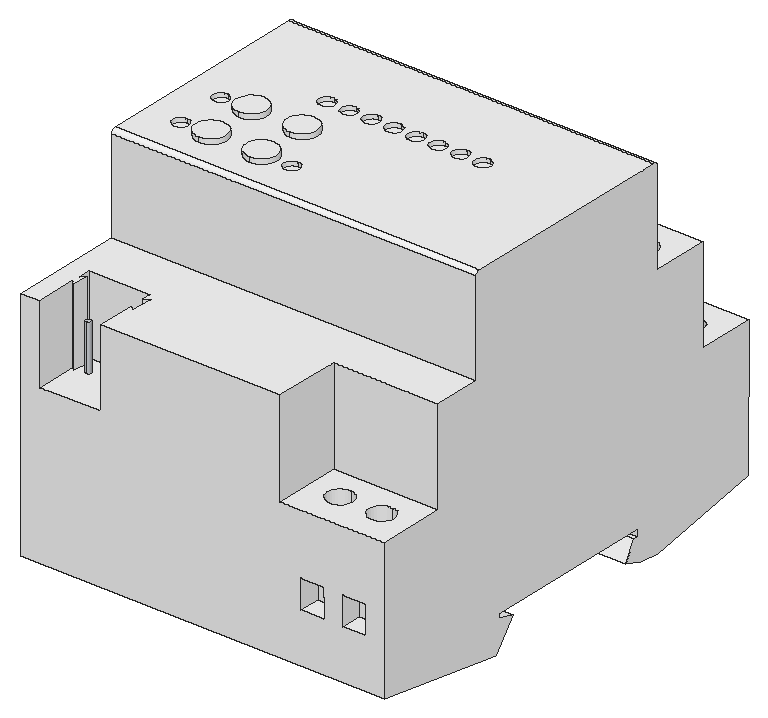
Revit family "Gira_212000", category Electrical Fixtures, host Face, Revit 2017
Family settings
  Host = Face
  Maintain Annotation Orientation = No
  Round Connector Dimension = Use Diameter
  Part Type = Normal
  Cut with Voids When Loaded = No
  Shared = No
  Room Calculation Point = No
Parameters (values of type "Pow.supply 160 mA choke KNX DRA")
  With switch function = no
  Ventilschutzfunktion = no
  URL = "https://www.gira.de/"
  Type Comments = ""
  Suitable for C-load = no
  Rated current [Ampere] = 0
  Output voltage [Volt] = ""
  Output current [Ampere] = ""
  Number of outputs = 0
  Number of inputs = 0
  Number of binary inputs = 0
  Model = ""
  Max. number of venetian-blind outputs = 0
  Max. number of switching contacts = 0
  Manufacturer = "Gira"
  Handschaltung = no
  Local operation/hand operation = no
  Keynote = ""
  HeinzeBIM = "https://www.heinze.de/bim/pow-supply-160-ma-choke-knx-dra/f22732c19fceb7285109560b0cfdd15072a671c7"
  HAN = "212000"
  GTIN = "4010337023210"
  Description = "PS 160mA choke DRA KNX KNX power supply 160 mA with integrated choke, Power supplies for supplying KNX devices with bus voltage.,Features: - Output with integrated choke to supply KNX bus lines. - Output DC 30 V to supply additional devices. - Rated current can be flexibly split up amongst outputs. - Reset button. - Short-circuit-proof. - Overvoltage protection. - Open circuit-proof. - Suitable for operation in systems with emergency power supply. - Isolated signal contact for operating message and diagnostic message. - Two KNX power supplies of the same type can be connected in parallel.,Notes : - Installation on DIN top-hat rail. - VDE approval in accordance with EN 60669-1, EN 60669-2-1."
  Default Elevation = 1219.2 mm
  Cost = 0
  Stellgröße schaltend = no
  Stellgröße stetig = no
  Bus connection included = no
  BIMSITE_PRODUCT_ID = "f22732c19fceb7285109560b0cfdd15072a671c7"
  BIM = "https://media.live.bim.site/t/eyJhbGciOiJIUzI1NiIsInR5cCI6IkpXVCJ9.eyJjdCI6MSwidGYiOiJwdWJsaWMvZ2lyYS8wOWY1ZGI1L1JFRyA4Zi5yZmEiLCJjaWQiOiJmZWQ5OGU5YS0xYmQ4LTRjNjgtYTczYi03NGE5NGUzMTU4MjMiLCJyaWQiOiIyOWZiZjE4MjY3OTg3NzkyMmIyOThlNjA4YTg5MjYyZCIsInBpZCI6ImYyMjczMmMxOWZjZWI3Mjg1MTA5NTYwYjBjZmRkMTUwNzJhNjcxYzciLCJzaWQiOiI2MzQ3MCIsInV0Ijo1LCJsYyI6ImVuIiwiaWF0IjoxNjA3NDMyMjM4LCJpc3MiOiJodHRwczovL2FwaS5saXZlLmJpbS5zaXRlIiwic3ViIjoiOGQzYWE1Y2ItZTA2Ni00NTk4LWJlMTYtNmUxNmVlNzQ5NTZhIn0.jFE_kAfV4Z5pN24qNlPLUiHHjKxzcR_V9YRfWszvblo/REG 8f.rfa"
  Assembly Code = ""
Reference planes
  plane 1 "Center (Front/Back)": y = 0
  plane 2: z = 0
  plane 3 "Center (Left/Right)": x = 0
Forms (mm)
  Extrusion 1, solid, material "White", detail levels fine
    sketch origin (0, 0, 0) x (0, 1, 0) y (0, 0, 1)
      loop
        line (45.125, -2.619) -> (45.125, 24.95) -> (33.875, 24.95) -> (33.875, 43.8) -> (22.575, 43.8) -> (22.575, 62.05)
        arc (22.575, 62.05) -> (22.311, 62.686) -> (21.675, 62.95) r 0.9
        line (21.675, 62.95) -> (-21.175, 62.95)
        arc (-21.175, 62.95) -> (-21.785, 62.758) -> (-22.175, 62.25) r 1.064
        line (-22.175, 62.25) -> (-22.175, 43.8) -> (-44.725, 43.8) -> (-44.725, -2.619)
        arc (-44.725, -2.619) -> (-31.081, -5.433) -> (-17.243, -7.049) r 160
        line (-17.243, -7.049) -> (-13.165, -1.734) -> (-16.399, -0.807) -> (-16.399, 0) -> (17.8, 0) -> (17.8, -1.4) -> (16.8, -1.4) -> (14.749, -4.952)
        arc (14.749, -4.952) -> (18.64, -6.184) -> (22.7, -6.6) r 20
        arc (22.7, -6.6) -> (33.983, -5.009) -> (45.125, -2.619) r 160
    from -36 to 36
  Extrusion 2, void, detail levels fine
    sketch origin (0, 0, 0) x (1, 0, 0) y (0, 1, 0)
      loop
        circle (30, 26.925) r 2.55
      loop
        circle (21.75, 26.925) r 2.55
      loop
        circle (12.75, 26.925) r 2.55
      loop
        circle (4.5, 26.925) r 2.55
      loop
        circle (-4.5, 26.925) r 2.55
      loop
        circle (-12.75, 26.925) r 2.55
      loop
        circle (-21.75, 26.925) r 2.55
      loop
        circle (-30, 26.925) r 2.55
    from 37.936 to 43.8
  Extrusion 3, void, detail levels fine
    sketch origin (0, 11.25, -18.85) x (1, 0, 0) y (0, 1, 0)
      loop
        circle (30, 26.925) r 2.55
      loop
        circle (21.75, 26.925) r 2.55
      loop
        circle (12.75, 26.925) r 2.55
      loop
        circle (4.5, 26.925) r 2.55
      loop
        circle (-4.5, 26.925) r 2.55
      loop
        circle (-12.75, 26.925) r 2.55
      loop
        circle (-21.75, 26.925) r 2.55
      loop
        circle (-30, 26.925) r 2.55
    from 37.936 to 43.8
  Extrusion 4, void, detail levels fine
    sketch origin (0, 0, 0) x (1, 0, 0) y (0, 1, 0)
      loop
        circle (-13, -3.875) r 3
      loop
        circle (-23, -3.875) r 3
      loop
        circle (-23, -13.875) r 3
      loop
        circle (-13, -13.875) r 3
      loop
        circle (-29, -3.875) r 1.575
      loop
        circle (-29, -13.875) r 1.575
      loop
        circle (-7, -13.875) r 1.575
      loop
        circle (-15.4, 5.325) r 1.625
      loop
        circle (-11, 5.325) r 1.575
      loop
        circle (-6.6, 5.325) r 1.625
      loop
        circle (-2.2, 5.325) r 1.625
      loop
        circle (2.2, 5.325) r 1.625
      loop
        circle (6.6, 5.325) r 1.625
      loop
        circle (11, 5.325) r 1.575
      loop
        circle (15.4, 5.325) r 1.625
    from 58.253 to 62.95
  Extrusion 5, void, detail levels fine
    sketch origin (0, 0, 0) x (1, 0, 0) y (0, 1, 0)
      loop
        line (-32.175, -32.6) -> (-32.175, -34.9) -> (-31.24, -34.36) -> (-31.401, -37.165) -> (-32.175, -36.7) -> (-32.175, -44.875) -> (-20.175, -44.875) -> (-20.175, -37.33) -> (-19.075, -37.965) -> (-19.075, -33.635) -> (-20.175, -34.27) -> (-20.175, -32.6) -> (-32.175, -32.6)
    from 28.5 to 43.8
  Extrusion 6, solid, detail levels fine
    sketch origin (0, 0, 0) x (1, 0, 0) y (0, 1, 0)
      loop
        circle (-29.375, -36.2) r 0.5
      loop
        circle (-23.575, -36.2) r 0.5
    from 28.5 to 37.5
  Extrusion 7, void, detail levels fine
    sketch origin (0, 0, 0) x (1, 0, 0) y (0, 1, 0)
      loop
        line (15.289, -31.489) -> (15.289, -44.875) -> (36, -44.875) -> (36, -31.489) -> (15.289, -31.489)
    from 25 to 43.8
  Extrusion 8, void, detail levels fine
    sketch origin (0, 0, 0) x (1, 0, 0) y (0, 1, 0)
      loop
        circle (21.75, -37.925) r 2.55
      loop
        circle (30, -37.925) r 2.55
    from 19.086 to 24.95
  Extrusion 9, void, detail levels fine
    sketch origin (0, 0, 0) x (1, 0, 0) y (0, 0, 1)
      loop
        line (32.368, 26.75) -> (32.35, 28.865) -> (32.319, 32.45) -> (27.731, 32.45) -> (27.682, 26.75) -> (32.368, 26.75)
      loop
        line (24.118, 26.75) -> (24.1, 28.865) -> (24.069, 32.45) -> (19.481, 32.45) -> (19.432, 26.75) -> (24.118, 26.75)
      loop
        line (15.118, 26.75) -> (15.1, 28.865) -> (15.069, 32.45) -> (10.481, 32.45) -> (10.432, 26.75) -> (15.118, 26.75)
      loop
        line (6.868, 26.75) -> (6.85, 28.865) -> (6.819, 32.45) -> (2.231, 32.45) -> (2.182, 26.75) -> (6.868, 26.75)
      loop
        line (-2.182, 26.75) -> (-2.2, 28.865) -> (-2.231, 32.45) -> (-6.819, 32.45) -> (-6.868, 26.75) -> (-2.182, 26.75)
      loop
        line (-10.432, 26.75) -> (-10.45, 28.865) -> (-10.481, 32.45) -> (-15.069, 32.45) -> (-15.118, 26.75) -> (-10.432, 26.75)
      loop
        line (-19.35, 26.75) -> (-19.369, 28.865) -> (-19.4, 32.45) -> (-23.987, 32.45) -> (-24.037, 26.75) -> (-19.35, 26.75)
      loop
        line (-27.682, 26.75) -> (-27.7, 28.865) -> (-27.731, 32.45) -> (-32.319, 32.45) -> (-32.368, 26.75) -> (-27.682, 26.75)
    from -29.206 to -33.875
  Extrusion 10, void, detail levels fine
    sketch origin (0, 11.25, -19.567) x (1, 0, 0) y (0, 0, 1)
      loop
        line (32.368, 26.75) -> (32.35, 28.865) -> (32.319, 32.45) -> (27.731, 32.45) -> (27.682, 26.75) -> (32.368, 26.75)
      loop
        line (24.118, 26.75) -> (24.1, 28.865) -> (24.069, 32.45) -> (19.481, 32.45) -> (19.432, 26.75) -> (24.118, 26.75)
      loop
        line (15.118, 26.75) -> (15.1, 28.865) -> (15.069, 32.45) -> (10.481, 32.45) -> (10.432, 26.75) -> (15.118, 26.75)
      loop
        line (6.868, 26.75) -> (6.85, 28.865) -> (6.819, 32.45) -> (2.231, 32.45) -> (2.182, 26.75) -> (6.868, 26.75)
      loop
        line (-2.182, 26.75) -> (-2.2, 28.865) -> (-2.231, 32.45) -> (-6.819, 32.45) -> (-6.868, 26.75) -> (-2.182, 26.75)
      loop
        line (-10.432, 26.75) -> (-10.45, 28.865) -> (-10.481, 32.45) -> (-15.069, 32.45) -> (-15.118, 26.75) -> (-10.432, 26.75)
      loop
        line (-19.35, 26.75) -> (-19.369, 28.865) -> (-19.4, 32.45) -> (-23.987, 32.45) -> (-24.037, 26.75) -> (-19.35, 26.75)
      loop
        line (-27.682, 26.75) -> (-27.7, 28.865) -> (-27.731, 32.45) -> (-32.319, 32.45) -> (-32.368, 26.75) -> (-27.682, 26.75)
    from -29.206 to -33.875
  Extrusion 11, void, detail levels fine
    sketch origin (0, 0, 0) x (1, 0, 0) y (0, 0, 1)
      loop
        line (32.319, 12.883) -> (27.731, 12.883) -> (27.682, 7.183) -> (32.368, 7.183) -> (32.35, 9.298) -> (32.319, 12.883)
      loop
        line (24.069, 12.883) -> (19.481, 12.883) -> (19.432, 7.183) -> (24.118, 7.183) -> (24.1, 9.298) -> (24.069, 12.883)
    from 40.588 to 44.725
  Extrusion 12, solid, material "White", detail levels fine
    sketch origin (0, 0, 0) x (1, 0, 0) y (0, 1, 0)
      loop
        circle (-15.4, 5.325) r 1.625
      loop
        circle (-11, 5.325) r 1.575
      loop
        circle (-6.6, 5.325) r 1.625
      loop
        circle (-2.2, 5.325) r 1.625
      loop
        circle (2.2, 5.325) r 1.625
      loop
        circle (6.6, 5.325) r 1.625
      loop
        circle (11, 5.325) r 1.575
      loop
        circle (15.4, 5.325) r 1.625
      loop
        circle (-29, -3.875) r 1.575
      loop
        circle (-29, -13.875) r 1.575
      loop
        circle (-7, -13.875) r 1.575
    from 58.253 to 62.25
  Extrusion 13, solid, material "White", detail levels fine
    sketch origin (0, 0, 0) x (1, 0, 0) y (0, 1, 0)
      loop
        circle (-23, -3.875) r 3
      loop
        circle (-13, -3.875) r 3
      loop
        circle (-23, -13.875) r 3
      loop
        circle (-13, -13.875) r 3
    from 58.253 to 63.841
  Extrusion 14, solid, material "White", detail levels medium
    sketch origin (0, 0, 0) x (0, 1, 0) y (0, 0, 1)
      loop
        line (45.125, -7.049) -> (45.125, 24.95) -> (33.875, 24.95) -> (33.875, 43.8) -> (22.575, 43.8) -> (22.575, 63.841) -> (-22.175, 63.841) -> (-22.175, 43.8) -> (-44.725, 43.8) -> (-44.725, -7.049) -> (45.125, -7.049)
    from -36 to 36
  Extrusion 15, solid, material "White", detail levels coarse
    sketch origin (0, 0, 0) x (0, 1, 0) y (0, 0, 1)
      loop
        line (45.125, -7.049) -> (45.125, 63.841) -> (-44.725, 63.841) -> (-44.725, -7.049) -> (45.125, -7.049)
    from -36 to 36
Cuts and joins
  Extrusion 2, Extrusion 3, Extrusion 4, Extrusion 5, Extrusion 7, Extrusion 8, Extrusion 9, Extrusion 10, Extrusion 11 cuts Extrusion 1
Dimensions and locks
  aligned and locked: plane 2 to host face
  aligned and locked: level to host face
